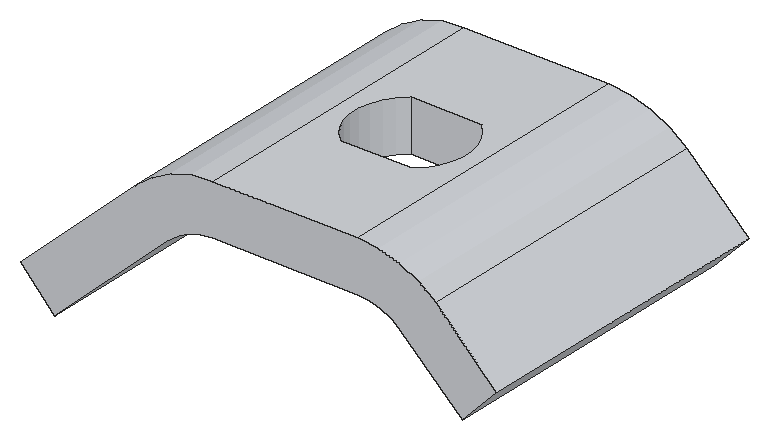
Revit family "Spannklaue VA", category HLS-Bauteile, Revit 2017
Family settings
  Bemaßung runder Anschluss = Durchmesser verwenden
  Teiletyp = Normal
  Arbeitsebenenbasiert = Ja
  Immer vertikal = Nein
  Beim Laden mit Abzugskörper schneiden = Nein
  Gemeinsam genutzt = Nein
  Raumberechnungspunkt = Nein
Parameters (values of type "Spannklaue M12 V2A")
  max. zul. Last = 8.20 kN
  für Gewinde = "M12"
  Default Elevation = 1219.2 mm
  Stärke = 8 mm
  Regelhalter [instance] = ""
  Profiltyp = "45"
  Profil = "C-Profil"
  Material = "Edelstahl"
  Länge = 727 mm
  Lochdurchmesser = ""
  Langloch = "14 x 20 mm"
  L = 73.3 mm  # constant formula
  Kurztext2 = "Profilhöhe 40 mm Klemmdicke 26 mm"
  Kurztext1 = "Spannklaue C-Profil 45 V2A"
  Klemmdicke = "26 mm"
  Höhe Profil = 40 mm
  Höhe = "28 mm"
  Gewindestifttyp = ""
  Gewicht = 0.247 kg
  Fabrikat = "MEFA"
  EAN = "4250928412775"
  D = 18 mm
  Breite = 50 mm
  B1 = 14 mm
  B = 50 mm
  Artikelnummer = "0480651"
Reference planes
  plane 1 "Mitte (Vorne/hinten)": y = 0
  plane 2: z = 0
  plane 3 "Mitte (Links/rechts)": x = 0
  plane 4: x = 36.65
  plane 5: x = -36.65
  plane 6: x = 15.5
  plane 7: x = -15.5
  plane 8: z = 20
  plane 9: y = 7
  plane 10: y = -7
  plane 11: z = 8
Forms (mm)
  Sweep 1, solid
    path origin (0, 0, 0) x (1, 0, 0) y (0, 0, 1)
      loop
        line (28.19, 8) -> (18.391, 17.266)
        arc (18.391, 17.266) -> (15.218, 19.291) -> (11.521, 20) r 10
        line (11.521, 20) -> (-11.521, 20)
        arc (-11.521, 20) -> (-15.218, 19.291) -> (-18.391, 17.266) r 10
        line (-18.391, 17.266) -> (-36.65, 0)
    profile origin (0, 0, 20) x (0, 0, -1) y (0, -1, 0)
      loop
        line (0, 0) -> (0, 25) -> (-8.038, 25) -> (-8.038, -25) -> (0, -25) -> (0, 0)
  Extrusion 2, void
    sketch origin (0, 0, 0) x (1, 0, 0) y (0, 1, 0)
      loop
        arc (-5.657, 7) -> (-9, 0) -> (-5.657, -7) r 9
        line (-5.657, -7) -> (5.657, -7)
        arc (5.657, -7) -> (9, 0) -> (5.657, 7) r 9
        line (5.657, 7) -> (-5.657, 7)
    from 0 to 50
Cuts and joins
  Extrusion 2 cuts Sweep 1
Dimensions and locks
  equal spacing: Sweep 1 sketch curve, profile plane, Sweep 1 sketch curve
  "B": Sweep 1 sketch curve to Sweep 1 sketch curve
  Sweep 1 to Sweep 1 = 8.038 mm
  equal spacing: plane 10, plane 1 "Mitte (Vorne/hinten)", plane 9
  "B1": plane 10 to plane 9
  equal spacing: plane 5, plane 3 "Mitte (Links/rechts)", plane 4
  "L": plane 5 to plane 4
  equal spacing: Extrusion 2 sketch curve, plane 3 "Mitte (Links/rechts)", Extrusion 2 sketch curve  (x2)
  level to plane 8 = 20 mm
  "D": diameter of Extrusion 2 sketch curve
  aligned and locked: level to plane 2
  aligned and locked: Extrusion 2 sketch curve to plane 9
  aligned and locked: plane 10 to Extrusion 2 sketch curve
  aligned and locked: plane 9 to Extrusion 2 sketch curve
  aligned and locked: Extrusion 2 sketch curve to Extrusion 2 sketch curve
  aligned and locked: plane 5 to Sweep 1 sketch curve
Automatic sketch dimensions
  Sweep 1 sketch curve to plane 8 = 0 mm
  Sweep 1 sketch curve to plane 11 = 0 mm
  Sweep 1 sketch curve to level = 0 mm
  Sweep 1 sketch curve to plane 7 = 2.891 mm
  plane 11 to Sweep 1 sketch curve = 2 mm  (x2)
  plane 7 to Sweep 1 sketch curve = 3.979 mm
  plane 6 to Sweep 1 sketch curve = 3.979 mm
  Sweep 1 sketch curve to plane 6 = 2.891 mm
  plane 4 to Sweep 1 sketch curve = 8.46 mm
  Sweep 1 sketch curve to plane 1 "Mitte (Vorne/hinten)" = 0 mm
  Sweep 1 sketch curve to profile plane = 0 mm
  profile plane to Sweep 1 sketch curve = 8.038 mm
  Extrusion 2 sketch curve to Extrusion 2 sketch curve = 0 mm
  plane 1 "Mitte (Vorne/hinten)" to Extrusion 2 sketch curve = 0 mm
  Extrusion 2 sketch curve to plane 3 "Mitte (Links/rechts)" = 0 mm
